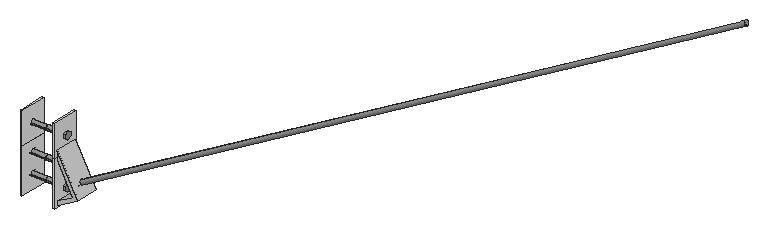
Revit family "060523 - W_P_C - Fastenings - Column Base & Top with X Bracing - Custom", category Structural Connections, Revit 2019
Family settings
  Material for Model Behavior = Other
  Work Plane-Based = No
  Enable cutting in views = Yes
  Always vertical = Yes
  Cut with Voids When Loaded = No
  Shared = No
Parameters (values of type "TEST")
  Width - Top = 0' - 5 1/2"
  Upper Plates - 2 = GL Plate - Up : DR
  Upper Plates - 1 = GL Plate - Up : DR
  URL = ""
  Top/Bottom Plate Thickness = 0' - 0 5/16"
  Top/Bottom Plate - Width = 0' - 7 1/2"
  Top Plate Visible = no
  Rod Visibility = yes
  Rod Radius = 0' - 0 3/8"
  Rod Material = 3/4" GALV. ROD (THREADED AT ENDS) - TURN BUCKLE AT 1/4 POINT OF TOTAL LENGTH
  Rod Length [instance] = 11' - 4"
  Plate Visibility - Upper Right 2 = no
  Plate Visibility - Upper Right 1 = yes
  Plate Visibility - Upper Left 2 = no
  Plate Visibility - Upper Left 1 = yes
  Plate Visibility - Lower Right 2 = no
  Plate Visibility - Lower Right 1 = yes
  Plate Visibility - Lower Left 2 = no
  Plate Visibility - Lower Left 1 = yes
  Plate Thickness = 0' - 0 5/16"
  Offset - Upper Plate 2 = 0' - 0"
  Lower Plates = GL Plate - Up : DR-lower
  Height of Plate = 0' - 8"
  Width - Bottom = 0' - 5 1/2"
  Plate Width = 0' - 4 3/4"
  Bracket Width = 0' - 4"
  Bracket Visibility = yes
  Bracket Thickness = 0' - 0 5/8"
  Bracket Offset in X = 0' - 3 1/16"
  Bracket Offset in Y = 0' - 0 3/8"
  Bracket Offset = 0' - 0 5/8"
  Bracket Material = 5/8" STEEL ANGLE (HDG AFTER FABRICATION)
  Bracket Leg = 0' - 4 3/8"
  Bracket Hole Radius - Up = 0' - 0 27/64"
  Bracket Hole Radius - Down = 0' - 0 1/64"
  Bracket Hole Offset = 0' - 2"
  Bottom Plate Visible = no
  Beam Width = 0' - 7 3/8"
  Angle 2 = 29.50°
  Angle 1 = 118.50°
Types (9): name | Width - Top | Upper Plates - 2 | Upper Plates - 1 | Rod Visibility | Rod Radius | Rod Material | Rod Length | Plate Visibility - Upper Right 2 | Plate Visibility - Upper Left 2 | Plate Visibility - Upper Left 1 | Plate Visibility - Lower Right 1 | Plate Visibility - Lower Left 1 | Offset - Upper Plate 2 | Lower Plates | Height of Plate | Width - Bottom | Plate Width | Bracket Width | Bracket Visibility | Bracket Offset in X | Bracket Offset in Y | Bracket Offset | Bracket Material | Bracket Leg | Bracket Hole Radius - Up | Bracket Hole Radius - Down | Bracket Hole Offset | Angle 2 | Angle 1
  CUSTOM - L5"x5"x5/16"x13" - HDG | 0' - 6 7/8" | GL Plate - Up : L5"X5"X5/16" -1 | GL Plate - Up : L5"X5"X5/16" -2 | no | 0' - 0 1/2" | 3/4" GALV. ROD (THREADED AT ENDS) - TURN BUCKLE AT 1/4 POINT OF TOTAL LENGTH | 1' - 0" | yes | no | no | no | no | 0' - 0" | GL Plate - Up : 2nd - head -1 | 1' - 3" | 0' - 6 7/8" | 0' - 5" | 0' - 5 1/4" | no | 0' - 3 3/4" | 0' - 0 3/4" | 0' - 1 1/2" | L5"x5"x5/16" STEEL ANGLE (HDG AFTER FABRICATION) | 0' - 8" | 0' - 0 1/2" | 0' - 0 1/2" | 0' - 2" | 61.00° | 151.00°
  CUSTOM BRACKET - 1ST - HEAD | 0' - 6 7/8" | GL Plate - Up : C | GL Plate - Up : B 2 | no | 0' - 0 3/8" | 3/4" GALV. ROD (THREADED AT ENDS) - TURN BUCKLE AT 1/4 POINT OF TOTAL LENGTH | 1' - 0" | yes | yes | yes | yes | yes | 0' - 1" | GL Plate - Up : D | 1' - 1" | 0' - 6 7/8" | 0' - 4 3/4" | 0' - 4" | yes | 0' - 3 3/4" | 0' - 0 3/8" | 0' - 1 3/4" | 5/8" STEEL ANGLE (HDG AFTER FABRICATION) | 0' - 8" | 0' - 0 1/64" | 0' - 0 27/64" | 0' - 2 1/2" | 61.50° | 151.50°
  CUSTOM BRACKET -2ND - SILL | 0' - 6 7/8" | GL Plate - Up : D2.2 | GL Plate - Up : D2.2 | yes | 0' - 0 3/8" | 3/4" GALV. ROD (THREADED AT ENDS) - TURN BUCKLE AT 1/4 POINT OF TOTAL LENGTH | 1' - 0" | no | no | yes | yes | yes | 0' - 0" | GL Plate - Up : D2.1 | 0' - 4 1/2" | 0' - 6 7/8" | 0' - 4 3/4" | 0' - 4" | yes | 0' - 3 3/4" | 0' - 0 3/8" | 0' - 9 7/8" | 5/8" STEEL ANGLE (HDG AFTER FABRICATION) | 0' - 4 1/16" | 0' - 0 27/64" | 0' - 0 1/64" | 0' - 2" | 27.00° | 117.00°
  CUSTOM BRACKET - (C-ROOF) | 0' - 6 7/8" | GL Plate - Up : 2ND HEAD - UP | GL Plate - Up : 2ND HEAD - UP | no | 0' - 0 3/8" | 3/4" GALV. ROD (THREADED AT ENDS) - TURN BUCKLE AT 1/4 POINT OF TOTAL LENGTH | 1' - 0" | yes | yes | yes | yes | yes | 0' - 0" | GL Plate - Up : 2nd - head -1 | 0' - 10" | 0' - 6 7/8" | 0' - 4 3/4" | 0' - 4" | yes | 0' - 3 3/4" | 0' - 0" | 0' - 1 3/8" | 5/8" STEEL ANGLE (HDG AFTER FABRICATION) | 0' - 8" | 0' - 0 1/64" | 0' - 0 27/64" | 0' - 2" | 63.00° | 153.00°
  CUSTOM BRACKET - 1ST - SILL | 0' - 6 7/8" | GL Plate - Up : DR | GL Plate - Up : DR | yes | 0' - 0 3/8" | 3/4" GALV. ROD (THREADED AT ENDS) - TURN BUCKLE AT 1/4 POINT OF TOTAL LENGTH | 1' - 0" | no | no | yes | yes | yes | 0' - 0" | GL Plate - Up : DR-lower | 0' - 8" | 0' - 6 7/8" | 0' - 4 3/4" | 0' - 4" | yes | 0' - 3 3/4" | 0' - 0 3/8" | 0' - 0 5/8" | 5/8" STEEL ANGLE (HDG AFTER FABRICATION) | 0' - 4 3/8" | 0' - 0 27/64" | 0' - 0 1/64" | 0' - 2" | 28.50° | 118.50°
  CUSTOM - L5"x5"x5/16"x13" - RAW STEEL | 0' - 6 7/8" | GL Plate - Up : L5"X5"X5/16" -1 | GL Plate - Up : L5"X5"X5/16" -2 | no | 0' - 0 1/2" | 3/4" GALV. ROD (THREADED AT ENDS) - TURN BUCKLE AT 1/4 POINT OF TOTAL LENGTH | 1' - 0" | yes | no | no | no | no | 0' - 0" | GL Plate - Up : 2nd - head -1 | 1' - 3" | 0' - 6 7/8" | 0' - 5" | 0' - 5 1/4" | no | 0' - 3 3/4" | 0' - 0 3/4" | 0' - 1 1/2" | L5"x5"x5/16" STEEL ANGLE (HDG AFTER FABRICATION) | 0' - 8" | 0' - 0 1/2" | 0' - 0 1/2" | 0' - 2" | 61.00° | 151.00°
  upper | 0' - 5 1/2" | GL Plate - Up : 2ND HEAD - UP | GL Plate - Up : D2.1 | no | 0' - 0 3/8" | 3/4" GALV. ROD (THREADED AT ENDS) - TURN BUCKLE AT 1/4 POINT OF TOTAL LENGTH | 1' - 0" | no | no | yes | yes | yes | 0' - 0" | GL Plate - Up : 2nd - head -1 | 0' - 10" | 0' - 5 1/2" | 0' - 4 3/4" | 0' - 4" | yes | 0' - 3 1/16" | 0' - 0" | 0' - 1 3/8" | 5/8" STEEL ANGLE (HDG AFTER FABRICATION) | 0' - 8" | 0' - 0 1/64" | 0' - 0 27/64" | 0' - 2" | 63.00° | 153.00°
  lower | 0' - 5 1/2" | GL Plate - Up : DR | GL Plate - Up : DR | yes | 0' - 0 3/8" | X-BRACING: 3/4" DIA. GALV. THREADED ROD W/ TURNBUCKLE | 11' - 4" | no | no | yes | yes | yes | 0' - 0" | GL Plate - Up : DR-lower | 0' - 8" | 0' - 5 1/2" | 0' - 4 3/4" | 0' - 4" | yes | 0' - 3 1/16" | 0' - 0 3/8" | 0' - 0 5/8" | 5/8" STEEL ANGLE (HDG AFTER FABRICATION) | 0' - 4 3/8" | 0' - 0 27/64" | 0' - 0 1/64" | 0' - 2" | 31.00° | 118.50°
  TEST | 0' - 5 1/2" | GL Plate - Up : DR | GL Plate - Up : DR | yes | 0' - 0 3/8" | 3/4" GALV. ROD (THREADED AT ENDS) - TURN BUCKLE AT 1/4 POINT OF TOTAL LENGTH | 11' - 4" | no | no | yes | yes | yes | 0' - 0" | GL Plate - Up : DR-lower | 0' - 8" | 0' - 5 1/2" | 0' - 4 3/4" | 0' - 4" | yes | 0' - 3 1/16" | 0' - 0 3/8" | 0' - 0 5/8" | 5/8" STEEL ANGLE (HDG AFTER FABRICATION) | 0' - 4 3/8" | 0' - 0 27/64" | 0' - 0 1/64" | 0' - 2" | 29.50° | 118.50°
Reference planes (in)
  plane 1 "Center (Front/Back)": y = 0
  plane 2: z = 0
  plane 3 "Center (Left/Right)": x = 0
  plane 4: x = -2.75
  plane 5: x = 2.75
  plane 6: z = 0.625
  plane 7: x = 3.0625
  plane 8: y = 2.375
  plane 9: y = -2.375
  plane 10: z = 0.3125
  plane 11: x = -3.75
  plane 12: x = 3.75
  plane 13: z = 8.625
  plane 14: z = 8.3125
  plane 15: x = 2.75
  plane 16: x = -2.75
  plane 17: y = 2
  plane 18: y = -2
  plane 19: y = 0
  plane 20: x = 3.0625
  plane 21: x = -3.0625
  plane 22: x = 3.0625
  plane 23: x = -3.0625
  plane 24: z = 8.3125
Forms (in)
  Extrusion 1, solid, material "5/8" STEEL ANGLE (HDG AFTER FABRICATION)" <- "Bracket Material", visible <- "Bracket Visibility"
    sketch origin (0, 0, 0) x (1, 0, 0) y (0, 0, 1)
      loop
        line (3.0625, 9.50827) -> (3.0625, 8.23904) -> (6.05017, 2.95836) -> (3.0625, 1.33618) -> (3.0625, 0.625) -> (6.90732, 2.71257) -> (3.0625, 9.50827)
    from -2 to 2
  Extrusion 2, solid, visible <- "Bottom Plate Visible"
    sketch origin (0, 0, -15.3125) x (1, 0, 0) y (0, 1, 0)
      loop
        line (-3.0625, 2.375) -> (-3.0625, -2.375) -> (3.0625, -2.375) -> (3.0625, 2.375) -> (-3.0625, 2.375)
    from 15.625 to 15.3125
  Extrusion 3, solid, visible <- "Top Plate Visible"
    sketch origin (0, 0, -2.0625) x (1, 0, 0) y (0, 1, 0)
      loop
        line (2.75, 2.375) -> (-2.75, 2.375) -> (-2.75, -2.375) -> (2.75, -2.375) -> (2.75, 2.375)
    from 10.6875 to 10.375
  Extrusion 4, void
    sketch origin (3.0625, 0, 9.50827) x (-0.492424, 0, 0.870356) y (0, 1, 0)
      loop
        circle (-5.80796, 0) r 0.42188
    from 0 to 0.69376
  Extrusion 5, void
    sketch origin (6.90732, 0, 2.71257) x (0.878817, 0, 0.477159) y (0, 1, 0)
      loop
        circle (-2, 0) r 0.01562
    from 0 to 0.92067
  Extrusion 6, solid, material "3/4" GALV. ROD (THREADED AT ENDS) - TURN BUCKLE AT 1/4 POINT OF TOTAL LENGTH" <- "Rod Material", visible <- "Rod Visibility"
    sketch origin (3.0625, 0, 9.50827) x (0.492424, 0, -0.870356) y (0, 1, 0)
      loop
        circle (5.80796, 0) r 0.375
    from -1.5 to 136
Cuts and joins
  Extrusion 4, Extrusion 5 cuts Extrusion 1
Lines and regions (in)
  reference lines
    curve 1: line (3.0625, 0, 9.50827) -> (6.90732, 0, 2.71257)
    curve 2: line (3.0625, 0, 0.625) -> (6.90732, 0, 2.71257)
    curve 3: line (6.05017, 0, 2.95836) -> (1.35921, 0, 0.41137)
    curve 4: line (2.25432, 0, 9.66749) -> (6.05017, 0, 2.95836)
    curve 5: line (124.29085, 0, 71.42289) -> (5.92248, 0, 4.45328)
Dimensions and locks (in)
  equal spacing: plane 5, plane 3 "Center (Left/Right)", plane 4
  "Width - Bottom": plane 5 to plane 4
  "Bracket Offset": plane 6 to level
  equal spacing: plane 8, plane 1 "Center (Front/Back)", plane 9
  "Plate Width": plane 8 to plane 9
  "Top/Bottom Plate Thickness": plane 10 to level
  equal spacing: plane 12, plane 3 "Center (Left/Right)", plane 11
  "Bracket Leg": curve 2 to curve 2
  "Bracket Thickness": curve 2 to curve 3
  "Bracket Thickness": curve 4 to curve 1
  "Height of Plate": plane 14 to plane 10
  "Top/Bottom Plate Thickness": plane 13 to plane 14
  "Bracket Hole Offset": Extrusion 4 sketch curve to cut or joined group of Extrusion 1, Extrusion 4, Extrusion 5
  "Bracket Hole Offset": Extrusion 5 sketch curve to cut or joined group of Extrusion 1, Extrusion 4, Extrusion 5
  "Top/Bottom Plate - Width": plane 12 to plane 11
  equal spacing: plane 15, plane 3 "Center (Left/Right)", plane 16
  "Width - Top": plane 15 to plane 16
  "Bracket Width": plane 17 to plane 18
  "Bracket Offset in Y": plane 8 to plane 17
  equal spacing: plane 17, plane 19, plane 18
  "Bracket Offset in X": plane 7 to plane 3 "Center (Left/Right)"
  "Plate Thickness": plane 16 to plane 21
  "Plate Thickness": plane 20 to plane 15
  "Plate Thickness": plane 22 to plane 5
  "Plate Thickness": plane 4 to plane 23
  "Offset - Upper Plate 2": plane 24 to plane 14
  equal spacing: cut or joined group of Extrusion 1, Extrusion 4, Extrusion 5, Extrusion 6 sketch curve, cut or joined group of Extrusion 1, Extrusion 4, Extrusion 5
  "Bracket Hole Offset": Extrusion 6 sketch curve to cut or joined group of Extrusion 1, Extrusion 4, Extrusion 5
  "Rod Length": curve 1 to Extrusion 6
  "Bracket Hole Offset": curve 5 to curve 2
  "Rod Length": curve 1 to curve 5
  "Bracket Hole Radius - Up": radius of Extrusion 4 sketch curve
  "Bracket Hole Radius - Down": radius of Extrusion 5 sketch curve
  "Rod Radius": radius of Extrusion 6 sketch curve
  "Angle 2": angle plane 7 to curve 1
  "Angle 1": angle plane 7 to curve 2
  "Angle 1": angle plane 7 to curve 3
  "Angle 2": angle plane 7 to curve 4
  locked: curve 1 to curve 5 (angle 90.00°)
  aligned and locked: level to plane 2
  aligned and locked: plane 7 to Extrusion 1 sketch curve  (x2)
  aligned and locked: level to Extrusion 2
  aligned and locked: Extrusion 2 to plane 10
  aligned and locked: Extrusion 1 sketch curve to curve 4
  aligned and locked: curve 1 to Extrusion 1 sketch curve
  aligned and locked: plane 7 to curve 2
  aligned and locked: plane 6 to curve 2
  aligned and locked: plane 13 to Extrusion 3
  aligned and locked: Extrusion 3 to plane 14
  aligned and locked: Extrusion 1 sketch curve to curve 3
  aligned and locked: Extrusion 1 sketch curve to curve 2
  aligned and locked: curve 1 to Extrusion 4
  aligned and locked: Extrusion 5 to curve 2
  aligned and locked: plane 8 to Extrusion 2
  aligned and locked: Extrusion 2 to plane 9
  aligned and locked: plane 8 to Extrusion 3 sketch curve
  aligned and locked: Extrusion 3 sketch curve to plane 9
  aligned and locked: Extrusion 2 sketch curve to cut or joined group of Extrusion 1, Extrusion 4, Extrusion 5
  aligned and locked: plane 19 to Extrusion 5 sketch curve
  aligned and locked: plane 19 to Extrusion 4 sketch curve
  aligned and locked: plane 17 to Extrusion 1
  aligned and locked: Extrusion 1 to plane 18
  aligned and locked: plane 15 to nested 1
  aligned and locked: plane 16 to nested 3
  aligned and locked: plane 4 to nested 7
  aligned and locked: nested 2 to plane 9
  aligned and locked: plane 9 to nested 4
  aligned and locked: plane 8 to nested 6
  aligned and locked: nested 8 to plane 8
  aligned and locked: nested 2 to plane 22
  aligned and locked: nested 4 to plane 23
  aligned and locked: plane 22 to nested 6
  aligned and locked: plane 22 to curve 1
  aligned and locked: plane 23 to nested 8
  aligned and locked: plane 8 to nested 5
  aligned and locked: nested 7 to plane 8
  aligned and locked: nested 3 to plane 9
  aligned and locked: plane 9 to nested 1
  aligned and locked: plane 15 to nested 5
Automatic sketch dimensions
  Extrusion 3 sketch curve to plane 16 = 0' - 0"
  Extrusion 3 sketch curve to plane 15 = 0' - 0"
  Extrusion 2 sketch curve to plane 9 = 0' - 0"
  Extrusion 2 sketch curve to plane 23 = 0' - 0"
  Extrusion 2 sketch curve to plane 8 = 0' - 0"
Nested families (in)
  nested 1: "GL Plate - Up" at (2.75, 0, 8.3125) x (0, 1, 0) z (0, 0, 1), type <- "Upper Plates - 1", visible <- "Plate Visibility - Upper Right 1", type "DR"
  nested 2: "GL Plate - Up" at (5.4375, -2.375, 8.3125), type <- "Upper Plates - 2", visible <- "Plate Visibility - Upper Right 2", type "DR"
  nested 3: "GL Plate - Up" at (-2.75, 0, 8.3125) x (0, 1, 0) z (0, 0, 1), type <- "Upper Plates - 1", visible <- "Plate Visibility - Upper Left 1", type "DR"
  nested 4: "GL Plate - Up" at (-5.4375, -2.375, 8.3125) x (-1, 0, 0) z (0, 0, 1), visible <- "Plate Visibility - Upper Left 2", type <- "Upper Plates - 2", type "DR"
  nested 5: "GL Plate - Up" at (2.75, 0, 0.3125) x (0, 1, 0) z (0, 0, 1), visible <- "Plate Visibility - Lower Right 1", type <- "Lower Plates", type "DR-lower"
  nested 6: "GL Plate - Up" at (5.4375, 2.375, 0.3125) x (-1, 0, 0) z (0, 0, 1), visible <- "Plate Visibility - Lower Right 2", type <- "Lower Plates", type "DR-lower"
  nested 7: "GL Plate - Up" at (-2.75, 0, 0.3125) x (0, 1, 0) z (0, 0, 1), visible <- "Plate Visibility - Lower Left 1", type <- "Lower Plates", type "DR-lower"
  nested 8: "GL Plate - Up" at (-5.4375, 2.375, 0.3125), visible <- "Plate Visibility - Lower Left 2", type <- "Lower Plates", type "DR-lower"
Definition of nested family "GL Plate - Up"
  Parameters (values of type "C")
    Width = 0' - 4 3/4"
    Plate Thickness = 0' - 0 5/16"
    Top Offset = 0' - 2"
    Plate Material = none
    Number of Holes = 4
    Midpoint Line Visibility = no
    Hole Radius = 0' - 0 35/64"
    Height = 1' - 1"
    Default Elevation = 4' - 0"
    Bolt Visibility = no
    Bolt Spacing = 0' - 3"
    Bolt Offset = 0' - 2 3/8"
    All Bolts Off Except One = yes
  Types (11): name | Width | Top Offset | Number of Holes | Midpoint Line Visibility | Height | Bolt Spacing | Bolt Offset | All Bolts Off Except One
    C | 0' - 4 3/4" | 0' - 2" | 4 | no | 1' - 1" | 0' - 3" | 0' - 2 3/8" | yes
    D | 0' - 4 3/4" | 0' - 2" | 3 | no | 1' - 2" | 0' - 3 1/2" | 0' - 2 3/8" | yes
    D2.1 | 0' - 4 3/4" | 0' - 2" | 2 | no | 0' - 4 1/2" | 0' - 3 1/2" | 0' - 2 3/8" | no
    D2.2 | 0' - 4 3/4" | 0' - 4 1/2" | 3 | no | 1' - 3" | 0' - 3 1/2" | 0' - 2 3/8" | yes
    DR | 0' - 4 3/4" | 0' - 2 3/4" | 2 | no | 0' - 5 1/2" | 0' - 3 1/2" | 0' - 2 3/8" | no
    DR-lower | 0' - 4 3/4" | 0' - 2" | 2 | no | 0' - 8" | 0' - 3 1/2" | 0' - 2 3/8" | yes
    2nd - head -1 | 0' - 4 3/4" | 0' - 2" | 2 | yes | 0' - 10" | 0' - 3 1/4" | 0' - 2 3/8" | yes
    2ND HEAD - UP | 0' - 4 3/4" | 0' - 2" | 4 | yes | 1' - 1" | 0' - 3" | 0' - 2 3/8" | yes
    L5"X5"X5/16" -2 | 0' - 5" | 0' - 2" | 4 | yes | 1' - 1" | 0' - 3" | 0' - 2 1/2" | yes
    L5"X5"X5/16" -1 | 0' - 4 11/16" | 0' - 2" | 4 | yes | 1' - 1" | 0' - 3" | 0' - 2 1/2" | yes
    B 2 | 0' - 4 3/4" | 0' - 1 1/2" | 3 | yes | 0' - 10 1/2" | 0' - 3" | 0' - 2 11/32" | yes
  Reference planes (in)
    plane 1 "Center (Front/Back)": y = 0
    plane 2: z = 0
    plane 3 "Center (Left/Right)": x = 0
    plane 4: z = 13
    plane 5: x = 2.375
    plane 6: y = -0.3125
    plane 7: z = 11
    plane 8: x = 0
    plane 9: x = -2.375
    plane 10: z = 8
    plane 11: x = 0
    plane 12 "Mid Plate": z = 6.5
    plane 13: x = 0
    plane 14: z = 5
    plane 15: x = 0
    plane 16: z = 2
    plane 17: x = 0
  Forms (in)
    Extrusion 1, solid, material <- "Plate Material"
      sketch origin (0, 0, 0) x (1, 0, 0) y (0, 0, 1)
        loop
          line (-2.375, 13) -> (-2.375, 0) -> (2.375, 0) -> (2.375, 13) -> (-2.375, 13)
      from 0 to 0.3125
    Extrusion 2, void
      sketch origin (-2.5, 0, -1.51191) x (1, 0, 0) y (0, 0, 1)
        loop
          circle (2.5, 12.51191) r 0.54688
      from 0 to 12
    Extrusion 3, void
      sketch origin (-2.5, 0, -4.51191) x (1, 0, 0) y (0, 0, 1)
        loop
          circle (2.5, 12.51191) r 0.54688
      from 0 to 12
    Extrusion 4, void
      sketch origin (-2.5, 0, -7.51191) x (1, 0, 0) y (0, 0, 1)
        loop
          circle (2.5, 12.51191) r 0.54688
      from 0 to 12
    Extrusion 5, void
      sketch origin (-2.5, 0, -10.51191) x (1, 0, 0) y (0, 0, 1)
        loop
          circle (2.5, 12.51191) r 0.54688
      from 0 to 12
  Cuts and joins
    Extrusion 2, Extrusion 3, Extrusion 4, Extrusion 5 cuts Extrusion 1
  Dimensions and locks (in)
    "Height": plane 4 to plane 2
    "Plate Thickness": plane 1 "Center (Front/Back)" to plane 6
    equal spacing: plane 5, plane 3 "Center (Left/Right)", plane 9
    "Width": plane 5 to plane 9
    "Top Offset": plane 4 to plane 7
    equal spacing: group 1, group 2, group 3, group 4  (x2)
    equal spacing: group 4, group 3, group 2, group 1
    "Bolt Spacing": plane 7 to plane 10
    equal spacing: plane 4, plane 12 "Mid Plate", level
    plane 4 to nested 3 = 0' - 2"
    "Bolt Offset": plane 5 to plane 13
    "Hole Radius": radius of Extrusion 2 sketch curve
    "Hole Radius": radius of Extrusion 3 sketch curve
    "Hole Radius": radius of Extrusion 4 sketch curve
    "Hole Radius": radius of Extrusion 5 sketch curve
    aligned and locked: plane 2 to level
    aligned and locked: Extrusion 1 sketch curve to plane 4
    aligned and locked: Extrusion 1 sketch curve to plane 5
    aligned and locked: plane 6 to Extrusion 1
    aligned and locked: plane 7 to Extrusion 2 sketch curve
    aligned and locked: plane 8 to Extrusion 2 sketch curve
    aligned and locked: plane 9 to Extrusion 1 sketch curve
    aligned and locked: plane 10 to Extrusion 3 sketch curve
    aligned and locked: plane 11 to Extrusion 3 sketch curve
    aligned and locked: level to Extrusion 1 sketch curve
    aligned and locked: nested 1 to plane 7
    aligned and locked: nested 1 to plane 8
    aligned and locked: nested 2 to plane 10
    aligned and locked: nested 2 to plane 11
    aligned and locked: nested 3 to plane 7
    aligned and locked: plane 13 to plane 8
    aligned and locked: plane 13 to plane 11
    aligned and locked: plane 13 to nested 3
    aligned and locked: plane 14 to Extrusion 4 sketch curve
    aligned and locked: plane 15 to Extrusion 4 sketch curve
    aligned and locked: nested 4 to plane 14
    aligned and locked: nested 4 to plane 15
    aligned and locked: plane 16 to Extrusion 5 sketch curve
    aligned and locked: plane 17 to Extrusion 5 sketch curve
    aligned and locked: nested 5 to plane 16
    aligned and locked: nested 5 to plane 17
  Nested families (in)
    nested 1: "Lag Bolt" at (0, -0.3125, 11) x (1, 0, 0) z (0, -1, 0), visible <- "All Bolts Off Except One", type "3/4" x 4""
    nested 2: "Lag Bolt" at (0, -0.3125, 8) x (1, 0, 0) z (0, -1, 0), visible <- "All Bolts Off Except One", type "3/4" x 4""
    nested 3: "Lag Bolt" at (0, -0.3125, 11) x (1, 0, 0) z (0, -1, 0), type "3/4" x 4""
    nested 4: "Lag Bolt" at (0, -0.3125, 5) x (1, 0, 0) z (0, -1, 0), visible <- "All Bolts Off Except One", type "3/4" x 4""
    nested 5: "Lag Bolt" at (0, -0.3125, 2) x (1, 0, 0) z (0, -1, 0), visible <- "All Bolts Off Except One", type "3/4" x 4""
  Definition of nested family "Lag Bolt"
    Parameters (values of type "ONE")
      Side = Head Size * 0.57812  # 0' - 0 111/128"
      Radius = Diameter / 2  # 0' - 0 1/2"
      Length = 0' - 3"
      Head Size = 0' - 1 1/2"
      Head Radius = Head Size / 2  # 0' - 0 3/4"
      Head Height = 0' - 0 151/256"
      Diameter = 0' - 1"
      Default Elevation = 4' - 0"
      Bolt Material (Size) = none
    Types (3): name | Side | Radius | Length | Head Size | Head Radius | Head Height | Diameter
      3/4" x 4" | 0' - 0.65039" | 0' - 0 3/8" | 0' - 3" | 0' - 1 1/8" | 0' - 0 9/16" | 0' - 0 1/2" | 0' - 0 3/4"
      1/2" x 4" | 0' - 0 111/256" | 0' - 0 1/4" | 0' - 4" | 0' - 0 3/4" | 0' - 0 3/8" | 0' - 0 1/2" | 0' - 0 1/2"
      ONE | 0' - 0 111/128" | 0' - 0 1/2" | 0' - 3" | 0' - 1 1/2" | 0' - 0 3/4" | 0' - 0 151/256" | 0' - 1"
    Reference planes (in)
      plane 1 "Center (Front/Back)": y = 0
      plane 2: z = 0
      plane 3 "Center (Left/Right)": x = 0
      plane 4: z = 0.58984
      plane 5: z = -3
      plane 6: y = 0
      plane 7: x = 0
    Forms (in)
      Extrusion 1, solid, material <- "Bolt Material (Size)"
        sketch origin (0, 0, 0) x (1, 0, 0) y (0, 1, 0)
          loop
            line (0, 0.86603) -> (-0.75, 0.43301) -> (-0.75, -0.43301) -> (0, -0.86603) -> (0.75, -0.43301) -> (0.75, 0.43301) -> (0, 0.86603)
        from 0 to 0.58984
      Extrusion 2, solid, material <- "Bolt Material (Size)"
        sketch origin (0, 0, 0) x (1, 0, 0) y (0, 1, 0)
          loop
            circle (0, 0) r 0.5
        from -3 to 0
    Lines and regions (in)
      model lines
        curve 1: line (0, -0.86603, 0.58984) -> (0, 0.86603, 0.58984)
        curve 2: line (1.5, 0, 0.58984) -> (-0.75, 0, 0.58984)
      symbolic lines
        curve 3: line (0, 0, 0.58984) -> (0, 0, -3)
        curve 4: line (0, 0, 0.58984) -> (0, 0, -3)
    Dimensions and locks (in)
      "Head Height": plane 4 to level
      "Length": level to plane 5
      "Head Radius": Extrusion 1 sketch curve to plane 3 "Center (Left/Right)"
      "Head Radius": Extrusion 1 sketch curve to plane 7
      "Head Radius": Extrusion 1 sketch curve to plane 6  (x2)
      "Radius": radius of Extrusion 2 sketch curve
      locked: Extrusion 1 sketch curve to Extrusion 1 sketch curve (angle 120.00°)  (x5)
      aligned and locked: level to plane 2
      aligned and locked: Extrusion 1 to plane 4
      aligned and locked: Extrusion 2 to plane 5
      aligned and locked: plane 7 to curve 1
      aligned and locked: plane 6 to curve 2
      aligned and locked: plane 6 to curve 4
    Automatic sketch dimensions
      curve 2 to Extrusion 1 = 0' - 0"
      curve 1 to Extrusion 1 = 0' - 0"
      Extrusion 1 to curve 1 = 0' - 0"
      Extrusion 1 to curve 2 = 0' - 0"
      curve 3 to plane 3 "Center (Left/Right)" = 0' - 0"
      curve 3 to plane 5 = 0' - 0"
      curve 3 to plane 4 = 0' - 0"
      curve 4 to plane 5 = 0' - 0"
      curve 4 to plane 4 = 0' - 0"
      Extrusion 1 sketch curve to plane 3 "Center (Left/Right)" = 0' - 0"  (x2)
      plane 1 "Center (Front/Back)" to Extrusion 2 sketch curve = 0' - 0"
      Extrusion 2 sketch curve to plane 3 "Center (Left/Right)" = 0' - 0"
